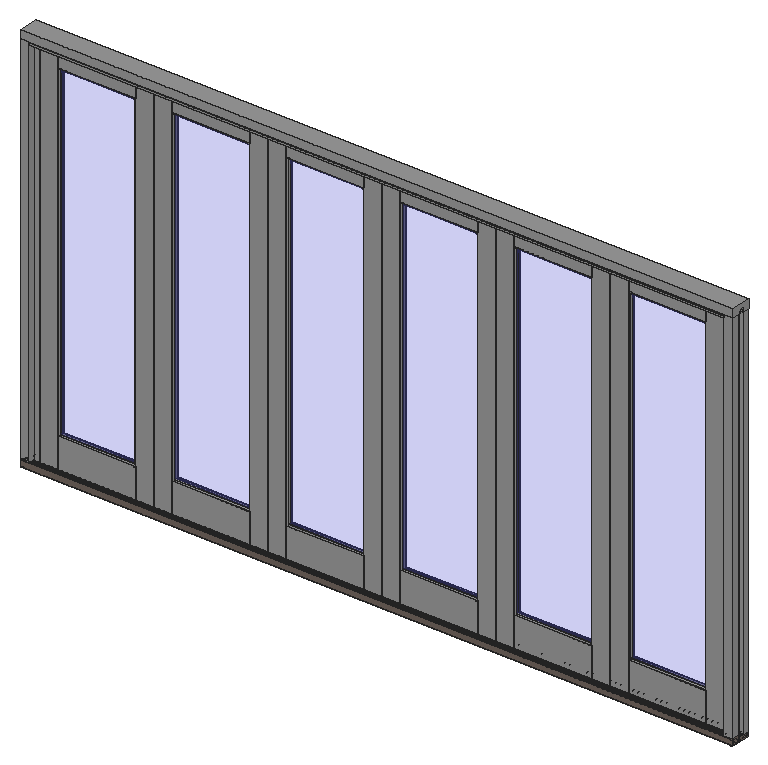
Revit family "VSFA 3820 G1", category Doors, host Wall, Revit 2015
Parameters (values of type "VSFA 3820 G1")
  Function = Interior
  Frame Projection Ext. = 25 mm
  Frame Projection Int. = 25 mm
  Frame Width = 75 mm
  Height = 2100 mm
  Wall Closure = By host
  Width = 3820 mm
Reference planes
  plane 1: y = 0
  plane 2 "Center (Left/Right)": x = 0
  plane 3 "Left": x = -1910
  plane 4 "Right": x = 1910
  plane 5: z = 2100
  plane 6 "Exterior": y = 75
  plane 7 "Interior": y = -75
  plane 8: x = 1835
  plane 9: x = 1225
  plane 10: x = 1222.5
  plane 11: x = 612.5
  plane 12: x = 610
  plane 13: x = -1835
  plane 14: x = -1225
  plane 15: x = -1222.5
  plane 16: x = -612.5
  plane 17: x = -610
Forms (mm)
  Extrusion 1, solid, material "Aluminium Cill (Bronze)"
    sketch origin (0, 79.18, -119.746) x (0, 1, 0) y (0, 0, -1)
      loop
        arc (-26.68, -120.746) -> (-26.972, -120.039) -> (-27.68, -119.746) r 1
        line (-27.68, -119.746) -> (-130.68, -119.746)
        arc (-130.68, -119.746) -> (-131.387, -120.039) -> (-131.68, -120.746) r 1
        line (-131.68, -120.746) -> (-131.68, -150.746)
        arc (-131.68, -150.746) -> (-131.387, -151.453) -> (-130.68, -151.746) r 1
        line (-130.68, -151.746) -> (-120.912, -151.746)
        arc (-120.912, -151.746) -> (-119.18, -150.746) -> (-117.447, -151.746) r 2
        line (-117.447, -151.746) -> (-112.912, -151.746)
        arc (-112.912, -151.746) -> (-111.18, -150.746) -> (-109.447, -151.746) r 2
        line (-109.447, -151.746) -> (-99.68, -151.746)
        arc (-99.68, -151.746) -> (-98.972, -151.453) -> (-98.68, -150.746) r 1
        line (-98.68, -150.746) -> (-98.68, -149.246)
        arc (-98.68, -149.246) -> (-99.18, -148.746) -> (-99.68, -149.246) r 0.5
        line (-99.68, -149.246) -> (-99.68, -150.246) -> (-100.88, -150.246) -> (-100.88, -142.734) -> (-99.68, -142.734) -> (-99.68, -143.746)
        arc (-99.68, -143.746) -> (-99.18, -144.246) -> (-98.68, -143.746) r 0.5
        line (-98.68, -143.746) -> (-98.68, -138.746) -> (-90.432, -138.746) -> (-82.18, -138.746) -> (-82.18, -135.246)
        arc (-82.18, -135.246) -> (-81.74, -134.185) -> (-80.68, -133.746) r 1.5
        line (-80.68, -133.746) -> (-75.93, -133.746) -> (-75.93, -135.746) -> (-77.363, -135.746)
        arc (-77.363, -135.746) -> (-74.68, -138.746) -> (-71.996, -135.746) r 2.7
        line (-71.996, -135.746) -> (-73.43, -135.746) -> (-73.43, -133.746) -> (-68.68, -133.746)
        arc (-68.68, -133.746) -> (-67.619, -134.185) -> (-67.18, -135.246) r 1.5
        line (-67.18, -135.246) -> (-67.18, -138.746) -> (-60.412, -138.746)
        arc (-60.412, -138.746) -> (-58.68, -137.746) -> (-56.947, -138.746) r 2
        line (-56.947, -138.746) -> (-52.412, -138.746)
        arc (-52.412, -138.746) -> (-50.68, -137.746) -> (-48.947, -138.746) r 2
        line (-48.947, -138.746) -> (-44.412, -138.746)
        arc (-44.412, -138.746) -> (-42.68, -137.746) -> (-40.947, -138.746) r 2
        line (-40.947, -138.746) -> (-29.68, -138.746)
        arc (-29.68, -138.746) -> (-27.558, -137.867) -> (-26.68, -135.746) r 3
        line (-26.68, -135.746) -> (-26.68, -120.746)
      loop
        arc (-29.68, -137.246) -> (-28.619, -136.807) -> (-28.18, -135.746) r 1.5
        line (-28.18, -135.746) -> (-28.18, -121.246) -> (-73.93, -121.246) -> (-73.93, -132.246) -> (-68.68, -132.246)
        arc (-68.68, -132.246) -> (-66.558, -133.125) -> (-65.68, -135.246) r 3
        line (-65.68, -135.246) -> (-65.68, -137.246) -> (-61.129, -137.246)
        arc (-61.129, -137.246) -> (-58.68, -136.246) -> (-56.23, -137.246) r 3.5
        line (-56.23, -137.246) -> (-53.129, -137.246)
        arc (-53.129, -137.246) -> (-50.68, -136.246) -> (-48.23, -137.246) r 3.5
        line (-48.23, -137.246) -> (-45.129, -137.246)
        arc (-45.129, -137.246) -> (-42.68, -136.246) -> (-40.23, -137.246) r 3.5
        line (-40.23, -137.246) -> (-29.68, -137.246)
      loop
        line (-75.43, -132.246) -> (-75.43, -121.246) -> (-98.68, -121.246) -> (-98.68, -137.246) -> (-83.68, -137.246) -> (-83.68, -135.246)
        arc (-83.68, -135.246) -> (-82.801, -133.125) -> (-80.68, -132.246) r 3
        line (-80.68, -132.246) -> (-75.43, -132.246)
      loop
        line (-100.18, -121.246) -> (-130.18, -121.246) -> (-130.18, -150.246) -> (-121.629, -150.246)
        arc (-121.629, -150.246) -> (-119.18, -149.246) -> (-116.73, -150.246) r 3.5
        line (-116.73, -150.246) -> (-113.629, -150.246)
        arc (-113.629, -150.246) -> (-111.18, -149.246) -> (-108.73, -150.246) r 3.5
        line (-108.73, -150.246) -> (-102.38, -150.246) -> (-102.38, -141.246) -> (-100.18, -141.246) -> (-100.18, -121.246)
    from -1910 to 1910
  Extrusion 2, solid, material "Lauan, Meranti"
    sketch origin (-122.148, 0, 0) x (0, 1, 0) y (0, 0, 1)
      loop
        line (52.5, 2100) -> (-52.5, 2100) -> (-52.5, 2055) -> (-6.5, 2055) -> (-6.5, 2075) -> (15.5, 2075) -> (15.5, 2055) -> (52.5, 2055) -> (52.5, 2100)
    from -1787.852 to 2032.148
  Extrusion 3, solid, material "Lauan, Meranti"
    sketch origin (2.986, 0, 0) x (0, 1, 0) y (0, 0, 1)
      loop
        line (-52.5, 2052) -> (-52.5, 2042) -> (-20.5, 2042) -> (-20.5, 2045.5) -> (-27.5, 2045.5) -> (-27.5, 2048.5) -> (-20.5, 2048.5) -> (-20.5, 2055) -> (-49.5, 2055) -> (-49.5, 2052) -> (-52.5, 2052)
    from -1867.986 to 1862.014
  Extrusion 4, solid, material "Lauan, Meranti"
    sketch origin (615, 0, 0) x (1, 0, 0) y (0, 1, 0)
      loop
        line (1295, -52.5) -> (1295, -16.5) -> (1250, -16.5) -> (1250, -52.5) -> (1295, -52.5)
      loop
        line (1295, 52.5) -> (1250, 52.5) -> (1250, 25.5) -> (1295, 25.5) -> (1295, 52.5)
      loop
        line (1220, 24.5) -> (1220, -15.5) -> (1265, -15.5) -> (1265, -5.5) -> (1240, -5.5) -> (1240, 14.5) -> (1265, 14.5) -> (1265, 24.5) -> (1220, 24.5)
      loop
        line (-2525, -52.5) -> (-2480, -52.5) -> (-2480, -16.5) -> (-2525, -16.5) -> (-2525, -52.5)
      loop
        line (-2525, 52.5) -> (-2525, 25.5) -> (-2480, 25.5) -> (-2480, 52.5) -> (-2525, 52.5)
      loop
        line (-2450, 24.5) -> (-2495, 24.5) -> (-2495, 14.5) -> (-2470, 14.5) -> (-2470, -5.5) -> (-2495, -5.5) -> (-2495, -15.5) -> (-2450, -15.5) -> (-2450, 24.5)
    from 32 to 2055
  Extrusion 5, solid, material "Steel, Chrome Plated"
    sketch origin (129.456, -1.5, 0) x (0, 1, 0) y (0, 0, -1)
      loop
        line (16.5, -2075) -> (16.5, -2055) -> (14.3, -2055) -> (14.3, -2072.8) -> (-2.3, -2072.8) -> (-2.3, -2055) -> (-4.5, -2055) -> (-4.5, -2075) -> (16.5, -2075)
    from -1780.544 to 2039.456
  Extrusion 6, solid, material "Lauan, Meranti"
    sketch origin (615, 0, 0) x (1, 0, 0) y (0, 1, 0)
      loop
        line (1250, 52.5) -> (1250, 25.5) -> (1295, 25.5) -> (1295, 52.5) -> (1250, 52.5)
      loop
        line (1265, 24.5) -> (1220, 24.5) -> (1220, -15.5) -> (1265, -15.5) -> (1265, -5.5) -> (1240, -5.5) -> (1240, 14.5) -> (1265, 14.5) -> (1265, 24.5)
      loop
        line (-2480, 52.5) -> (-2525, 52.5) -> (-2525, 25.5) -> (-2480, 25.5) -> (-2480, 52.5)
      loop
        line (-2495, 24.5) -> (-2495, 14.5) -> (-2470, 14.5) -> (-2470, -5.5) -> (-2495, -5.5) -> (-2495, -15.5) -> (-2450, -15.5) -> (-2450, 24.5) -> (-2495, 24.5)
    from 19 to 32
  Extrusion 7, solid, material "Lauan, Meranti"
    sketch origin (2155, 0, 0) x (1, 0, 0) y (0, 1, 0)
      loop
        line (-930, -15.5) -> (-834, -15.5) -> (-834, -13.5)
        arc (-834, -13.5) -> (-829.265, -11.94) -> (-827, -7.5) r 6.549
        line (-827, -7.5) -> (-825, -7.5) -> (-825, -5.5) -> (-834, -5.5) -> (-834, 24.5) -> (-930, 24.5) -> (-930, -15.5)
      loop
        line (-320, -15.5) -> (-320, 24.5) -> (-416, 24.5) -> (-416, -5.5) -> (-425, -5.5) -> (-425, -7.5) -> (-423, -7.5)
        arc (-423, -7.5) -> (-420.735, -11.94) -> (-416, -13.5) r 6.549
        line (-416, -13.5) -> (-416, -15.5) -> (-320, -15.5)
    from 19 to 2055
  Extrusion 8, solid, material "Lauan, Meranti"
    sketch origin (1490.235, 0, 0) x (0, 1, 0) y (0, 0, 1)
      loop
        line (-15.5, 190) -> (-15.5, 19) -> (24.5, 19) -> (24.5, 190) -> (-5.5, 190) -> (-5.5, 199) -> (-7.5, 199) -> (-7.5, 197)
        arc (-7.5, 197) -> (-11.866, 194.67) -> (-13.5, 190) r 6.807
        line (-13.5, 190) -> (-15.5, 190)
      loop
        line (-7.5, 1952) -> (-7.5, 1950) -> (-5.5, 1950) -> (-5.5, 1959) -> (24.5, 1959) -> (24.5, 2055) -> (-15.5, 2055) -> (-15.5, 1959) -> (-13.5, 1959)
        arc (-13.5, 1959) -> (-11.866, 1954.33) -> (-7.5, 1952) r 6.807
    from -169.235 to 248.765
  Sweep 9, solid, material "Lauan, Meranti"
    path origin (1197.876, -75, -1252.272) x (1, 0, 0) y (0, 0, 1)
      loop
        line (123.124, 3211.272) -> (123.124, 1442.272) -> (541.124, 1442.272) -> (541.124, 3211.272) -> (123.124, 3211.272)
    profile origin (1530, -75, 1959) x (0, 0, 1) y (0, -1, 0)
      loop
        line (-9, -78) -> (-9, -80) -> (-7, -80)
        arc (-7, -80) -> (-4.67, -84.366) -> (0, -86) r 6.807
        line (0, -86) -> (0, -78) -> (-9, -78)
  Extrusion 10, solid, material "Glass"
    sketch origin (1466.808, -110.55, -763.769) x (1, 0, 0) y (0, 0, 1)
      loop
        line (-145.808, 2722.769) -> (-145.808, 953.769) -> (272.192, 953.769) -> (272.192, 2722.769) -> (-145.808, 2722.769)
    from -112.5 to -106.1
  Extrusion 11, solid, material "Lauan, Meranti"
    sketch origin (1542.5, 0, 0) x (1, 0, 0) y (0, 1, 0)
      loop
        line (-930, -15.5) -> (-834, -15.5) -> (-834, -13.5)
        arc (-834, -13.5) -> (-829.265, -11.94) -> (-827, -7.5) r 6.549
        line (-827, -7.5) -> (-825, -7.5) -> (-825, -5.5) -> (-834, -5.5) -> (-834, 24.5) -> (-930, 24.5) -> (-930, -15.5)
      loop
        line (-320, -15.5) -> (-320, 24.5) -> (-416, 24.5) -> (-416, -5.5) -> (-425, -5.5) -> (-425, -7.5) -> (-423, -7.5)
        arc (-423, -7.5) -> (-420.735, -11.94) -> (-416, -13.5) r 6.549
        line (-416, -13.5) -> (-416, -15.5) -> (-320, -15.5)
    from 19 to 2055
  Extrusion 12, solid, material "Lauan, Meranti"
    sketch origin (877.735, 0, 0) x (0, 1, 0) y (0, 0, 1)
      loop
        line (-15.5, 190) -> (-15.5, 19) -> (24.5, 19) -> (24.5, 190) -> (-5.5, 190) -> (-5.5, 199) -> (-7.5, 199) -> (-7.5, 197)
        arc (-7.5, 197) -> (-11.866, 194.67) -> (-13.5, 190) r 6.807
        line (-13.5, 190) -> (-15.5, 190)
      loop
        line (-7.5, 1952) -> (-7.5, 1950) -> (-5.5, 1950) -> (-5.5, 1959) -> (24.5, 1959) -> (24.5, 2055) -> (-15.5, 2055) -> (-15.5, 1959) -> (-13.5, 1959)
        arc (-13.5, 1959) -> (-11.866, 1954.33) -> (-7.5, 1952) r 6.807
    from -169.235 to 248.765
  Sweep 13, solid, material "Lauan, Meranti"
    path origin (585.376, -75, -1252.272) x (1, 0, 0) y (0, 0, 1)
      loop
        line (123.124, 3211.272) -> (123.124, 1442.272) -> (541.124, 1442.272) -> (541.124, 3211.272) -> (123.124, 3211.272)
    profile origin (917.5, -75, 1959) x (0, 0, 1) y (0, -1, 0)
      loop
        line (-9, -78) -> (-9, -80) -> (-7, -80)
        arc (-7, -80) -> (-4.67, -84.366) -> (0, -86) r 6.807
        line (0, -86) -> (0, -78) -> (-9, -78)
  Extrusion 14, solid, material "Glass"
    sketch origin (854.308, -110.55, -763.769) x (1, 0, 0) y (0, 0, 1)
      loop
        line (-145.808, 2722.769) -> (-145.808, 953.769) -> (272.192, 953.769) -> (272.192, 2722.769) -> (-145.808, 2722.769)
    from -112.5 to -106.1
  Extrusion 15, solid, material "Lauan, Meranti"
    sketch origin (930, 0, 0) x (1, 0, 0) y (0, 1, 0)
      loop
        line (-930, -15.5) -> (-834, -15.5) -> (-834, -13.5)
        arc (-834, -13.5) -> (-829.265, -11.94) -> (-827, -7.5) r 6.549
        line (-827, -7.5) -> (-825, -7.5) -> (-825, -5.5) -> (-834, -5.5) -> (-834, 24.5) -> (-930, 24.5) -> (-930, -15.5)
      loop
        line (-320, -15.5) -> (-320, 24.5) -> (-416, 24.5) -> (-416, -5.5) -> (-425, -5.5) -> (-425, -7.5) -> (-423, -7.5)
        arc (-423, -7.5) -> (-420.735, -11.94) -> (-416, -13.5) r 6.549
        line (-416, -13.5) -> (-416, -15.5) -> (-320, -15.5)
    from 19 to 2055
  Extrusion 16, solid, material "Lauan, Meranti"
    sketch origin (265.235, 0, 0) x (0, 1, 0) y (0, 0, 1)
      loop
        line (-15.5, 190) -> (-15.5, 19) -> (24.5, 19) -> (24.5, 190) -> (-5.5, 190) -> (-5.5, 199) -> (-7.5, 199) -> (-7.5, 197)
        arc (-7.5, 197) -> (-11.866, 194.67) -> (-13.5, 190) r 6.807
        line (-13.5, 190) -> (-15.5, 190)
      loop
        line (-7.5, 1952) -> (-7.5, 1950) -> (-5.5, 1950) -> (-5.5, 1959) -> (24.5, 1959) -> (24.5, 2055) -> (-15.5, 2055) -> (-15.5, 1959) -> (-13.5, 1959)
        arc (-13.5, 1959) -> (-11.866, 1954.33) -> (-7.5, 1952) r 6.807
    from -169.235 to 248.765
  Sweep 17, solid, material "Lauan, Meranti"
    path origin (-27.124, -75, -1252.272) x (1, 0, 0) y (0, 0, 1)
      loop
        line (123.124, 3211.272) -> (123.124, 1442.272) -> (541.124, 1442.272) -> (541.124, 3211.272) -> (123.124, 3211.272)
    profile origin (305, -75, 1959) x (0, 0, 1) y (0, -1, 0)
      loop
        line (-9, -78) -> (-9, -80) -> (-7, -80)
        arc (-7, -80) -> (-4.67, -84.366) -> (0, -86) r 6.807
        line (0, -86) -> (0, -78) -> (-9, -78)
  Extrusion 18, solid, material "Glass"
    sketch origin (241.808, -110.55, -763.769) x (1, 0, 0) y (0, 0, 1)
      loop
        line (-145.808, 2722.769) -> (-145.808, 953.769) -> (272.192, 953.769) -> (272.192, 2722.769) -> (-145.808, 2722.769)
    from -112.5 to -106.1
  Extrusion 19, solid, material "Lauan, Meranti"
    sketch origin (320, 0, 0) x (1, 0, 0) y (0, 1, 0)
      loop
        line (-930, -15.5) -> (-834, -15.5) -> (-834, -13.5)
        arc (-834, -13.5) -> (-829.265, -11.94) -> (-827, -7.5) r 6.549
        line (-827, -7.5) -> (-825, -7.5) -> (-825, -5.5) -> (-834, -5.5) -> (-834, 24.5) -> (-930, 24.5) -> (-930, -15.5)
      loop
        line (-320, -15.5) -> (-320, 24.5) -> (-416, 24.5) -> (-416, -5.5) -> (-425, -5.5) -> (-425, -7.5) -> (-423, -7.5)
        arc (-423, -7.5) -> (-420.735, -11.94) -> (-416, -13.5) r 6.549
        line (-416, -13.5) -> (-416, -15.5) -> (-320, -15.5)
    from 19 to 2055
  Extrusion 20, solid, material "Lauan, Meranti"
    sketch origin (-344.765, 0, 0) x (0, 1, 0) y (0, 0, 1)
      loop
        line (-15.5, 190) -> (-15.5, 19) -> (24.5, 19) -> (24.5, 190) -> (-5.5, 190) -> (-5.5, 199) -> (-7.5, 199) -> (-7.5, 197)
        arc (-7.5, 197) -> (-11.866, 194.67) -> (-13.5, 190) r 6.807
        line (-13.5, 190) -> (-15.5, 190)
      loop
        line (-7.5, 1952) -> (-7.5, 1950) -> (-5.5, 1950) -> (-5.5, 1959) -> (24.5, 1959) -> (24.5, 2055) -> (-15.5, 2055) -> (-15.5, 1959) -> (-13.5, 1959)
        arc (-13.5, 1959) -> (-11.866, 1954.33) -> (-7.5, 1952) r 6.807
    from -169.235 to 248.765
  Sweep 21, solid, material "Lauan, Meranti"
    path origin (-637.124, -75, -1252.272) x (1, 0, 0) y (0, 0, 1)
      loop
        line (123.124, 3211.272) -> (123.124, 1442.272) -> (541.124, 1442.272) -> (541.124, 3211.272) -> (123.124, 3211.272)
    profile origin (-305, -75, 1959) x (0, 0, 1) y (0, -1, 0)
      loop
        line (-9, -78) -> (-9, -80) -> (-7, -80)
        arc (-7, -80) -> (-4.67, -84.366) -> (0, -86) r 6.807
        line (0, -86) -> (0, -78) -> (-9, -78)
  Extrusion 22, solid, material "Glass"
    sketch origin (-368.192, -110.55, -763.769) x (1, 0, 0) y (0, 0, 1)
      loop
        line (-145.808, 2722.769) -> (-145.808, 953.769) -> (272.192, 953.769) -> (272.192, 2722.769) -> (-145.808, 2722.769)
    from -112.5 to -106.1
  Extrusion 23, solid, material "Lauan, Meranti"
    sketch origin (-292.5, 0, 0) x (1, 0, 0) y (0, 1, 0)
      loop
        line (-930, -15.5) -> (-834, -15.5) -> (-834, -13.5)
        arc (-834, -13.5) -> (-829.265, -11.94) -> (-827, -7.5) r 6.549
        line (-827, -7.5) -> (-825, -7.5) -> (-825, -5.5) -> (-834, -5.5) -> (-834, 24.5) -> (-930, 24.5) -> (-930, -15.5)
      loop
        line (-320, -15.5) -> (-320, 24.5) -> (-416, 24.5) -> (-416, -5.5) -> (-425, -5.5) -> (-425, -7.5) -> (-423, -7.5)
        arc (-423, -7.5) -> (-420.735, -11.94) -> (-416, -13.5) r 6.549
        line (-416, -13.5) -> (-416, -15.5) -> (-320, -15.5)
    from 19 to 2055
  Extrusion 24, solid, material "Lauan, Meranti"
    sketch origin (-957.265, 0, 0) x (0, 1, 0) y (0, 0, 1)
      loop
        line (-15.5, 190) -> (-15.5, 19) -> (24.5, 19) -> (24.5, 190) -> (-5.5, 190) -> (-5.5, 199) -> (-7.5, 199) -> (-7.5, 197)
        arc (-7.5, 197) -> (-11.866, 194.67) -> (-13.5, 190) r 6.807
        line (-13.5, 190) -> (-15.5, 190)
      loop
        line (-7.5, 1952) -> (-7.5, 1950) -> (-5.5, 1950) -> (-5.5, 1959) -> (24.5, 1959) -> (24.5, 2055) -> (-15.5, 2055) -> (-15.5, 1959) -> (-13.5, 1959)
        arc (-13.5, 1959) -> (-11.866, 1954.33) -> (-7.5, 1952) r 6.807
    from -169.235 to 248.765
  Sweep 25, solid, material "Lauan, Meranti"
    path origin (-1249.624, -75, -1252.272) x (1, 0, 0) y (0, 0, 1)
      loop
        line (123.124, 3211.272) -> (123.124, 1442.272) -> (541.124, 1442.272) -> (541.124, 3211.272) -> (123.124, 3211.272)
    profile origin (-917.5, -75, 1959) x (0, 0, 1) y (0, -1, 0)
      loop
        line (-9, -78) -> (-9, -80) -> (-7, -80)
        arc (-7, -80) -> (-4.67, -84.366) -> (0, -86) r 6.807
        line (0, -86) -> (0, -78) -> (-9, -78)
  Extrusion 26, solid, material "Glass"
    sketch origin (-980.692, -110.55, -763.769) x (1, 0, 0) y (0, 0, 1)
      loop
        line (-145.808, 2722.769) -> (-145.808, 953.769) -> (272.192, 953.769) -> (272.192, 2722.769) -> (-145.808, 2722.769)
    from -112.5 to -106.1
  Extrusion 27, solid, material "Lauan, Meranti"
    sketch origin (-905, 0, 0) x (1, 0, 0) y (0, 1, 0)
      loop
        line (-930, -15.5) -> (-834, -15.5) -> (-834, -13.5)
        arc (-834, -13.5) -> (-829.265, -11.94) -> (-827, -7.5) r 6.549
        line (-827, -7.5) -> (-825, -7.5) -> (-825, -5.5) -> (-834, -5.5) -> (-834, 24.5) -> (-930, 24.5) -> (-930, -15.5)
      loop
        line (-320, -15.5) -> (-320, 24.5) -> (-416, 24.5) -> (-416, -5.5) -> (-425, -5.5) -> (-425, -7.5) -> (-423, -7.5)
        arc (-423, -7.5) -> (-420.735, -11.94) -> (-416, -13.5) r 6.549
        line (-416, -13.5) -> (-416, -15.5) -> (-320, -15.5)
    from 19 to 2055
  Extrusion 28, solid, material "Lauan, Meranti"
    sketch origin (-1569.765, 0, 0) x (0, 1, 0) y (0, 0, 1)
      loop
        line (-15.5, 190) -> (-15.5, 19) -> (24.5, 19) -> (24.5, 190) -> (-5.5, 190) -> (-5.5, 199) -> (-7.5, 199) -> (-7.5, 197)
        arc (-7.5, 197) -> (-11.866, 194.67) -> (-13.5, 190) r 6.807
        line (-13.5, 190) -> (-15.5, 190)
      loop
        line (-7.5, 1952) -> (-7.5, 1950) -> (-5.5, 1950) -> (-5.5, 1959) -> (24.5, 1959) -> (24.5, 2055) -> (-15.5, 2055) -> (-15.5, 1959) -> (-13.5, 1959)
        arc (-13.5, 1959) -> (-11.866, 1954.33) -> (-7.5, 1952) r 6.807
    from -169.235 to 248.765
  Sweep 29, solid, material "Lauan, Meranti"
    path origin (-1862.124, -75, -1252.272) x (1, 0, 0) y (0, 0, 1)
      loop
        line (123.124, 3211.272) -> (123.124, 1442.272) -> (541.124, 1442.272) -> (541.124, 3211.272) -> (123.124, 3211.272)
    profile origin (-1530, -75, 1959) x (0, 0, 1) y (0, -1, 0)
      loop
        line (-9, -78) -> (-9, -80) -> (-7, -80)
        arc (-7, -80) -> (-4.67, -84.366) -> (0, -86) r 6.807
        line (0, -86) -> (0, -78) -> (-9, -78)
  Extrusion 30, solid, material "Glass"
    sketch origin (-1593.192, -110.55, -763.769) x (1, 0, 0) y (0, 0, 1)
      loop
        line (-145.808, 2722.769) -> (-145.808, 953.769) -> (272.192, 953.769) -> (272.192, 2722.769) -> (-145.808, 2722.769)
    from -112.5 to -106.1
  Extrusion 31, solid, material "Lauan, Meranti"
    sketch origin (4059.03, 0, -20) x (1, 0, 0) y (0, 1, 0)
      loop
        line (-4071.03, 34.5) -> (-4071.03, 32.5)
        arc (-4071.03, 32.5) -> (-4076.687, 30.157) -> (-4079.03, 24.5) r 8
        line (-4079.03, 24.5) -> (-4039.03, 24.5)
        arc (-4039.03, 24.5) -> (-4041.373, 30.157) -> (-4047.03, 32.5) r 8
        line (-4047.03, 32.5) -> (-4047.03, 34.5) -> (-4071.03, 34.5)
    from 39 to 2075
Cuts and joins
  joined: Extrusion 4, Extrusion 6
Lines and regions (mm)
  Opening 1
    outline origin (-5000, 75, 0) x (-1, 0, 0) y (0, 0, 1)
      loop
        line (-6910, 0) -> (-3090, 0) -> (-3090, 2100) -> (-6910, 2100) -> (-6910, 0)
  model lines
    curve 1: line (1835, 24.5, 0) -> (1530, 552.775, 0)
    curve 2: line (1530, 552.775, 0) -> (1495.359, 532.775, 0)
    curve 3: line (1495.359, 532.775, 0) -> (1800.359, 4.5, 0)
    curve 4: line (1155.718, 24.5, 0) -> (1460.718, 552.775, 0)
    curve 5: line (1460.718, 552.775, 0) -> (1495.359, 532.775, 0)
    curve 6: line (1495.359, 532.775, 0) -> (1190.359, 4.5, 0)
    curve 7: line (1155.718, 24.5, 0) -> (850.718, 552.775, 0)
    curve 8: line (850.718, 552.775, 0) -> (816.077, 532.775, 0)
    curve 9: line (816.077, 532.775, 0) -> (1121.077, 4.5, 0)
    curve 10: line (-1835, 24.5, 0) -> (-1530, 552.775, 0)
    curve 11: line (-1530, 552.775, 0) -> (-1495.359, 532.775, 0)
    curve 12: line (-1495.359, 532.775, 0) -> (-1800.359, 4.5, 0)
    curve 13: line (-1155.718, 24.5, 0) -> (-1460.718, 552.775, 0)
    curve 14: line (-1460.718, 552.775, 0) -> (-1495.359, 532.775, 0)
    curve 15: line (-1495.359, 532.775, 0) -> (-1190.359, 4.5, 0)
    curve 16: line (-1155.718, 24.5, 0) -> (-850.718, 552.775, 0)
    curve 17: line (-850.718, 552.775, 0) -> (-816.077, 532.775, 0)
    curve 18: line (-816.077, 532.775, 0) -> (-1121.077, 4.5, 0)
    curve 19: line (1385.802, 99.5, 1050) -> (1560.802, 99.5, 1050)
    curve 20: line (1699.879, 99.5, 1050) -> (1560.802, 99.5, 1106.191)
    curve 21: line (1560.802, 99.5, 1106.191) -> (1560.802, 99.5, 993.809)
    curve 22: line (1699.879, 99.5, 1050) -> (1560.802, 99.5, 993.809)
    curve 23: line (773.302, 99.5, 1050) -> (948.302, 99.5, 1050)
    curve 24: line (1087.379, 99.5, 1050) -> (948.302, 99.5, 1106.191)
    curve 25: line (948.302, 99.5, 1106.191) -> (948.302, 99.5, 993.809)
    curve 26: line (1087.379, 99.5, 1050) -> (948.302, 99.5, 993.809)
    curve 27: line (160.802, 99.5, 1050) -> (335.802, 99.5, 1050)
    curve 28: line (474.879, 99.5, 1050) -> (335.802, 99.5, 1106.191)
    curve 29: line (335.802, 99.5, 1106.191) -> (335.802, 99.5, 993.809)
    curve 30: line (474.879, 99.5, 1050) -> (335.802, 99.5, 993.809)
    curve 31: line (-160.802, 99.5, 1050) -> (-335.802, 99.5, 1050)
    curve 32: line (-474.879, 99.5, 1050) -> (-335.802, 99.5, 1106.191)
    curve 33: line (-335.802, 99.5, 1106.191) -> (-335.802, 99.5, 993.809)
    curve 34: line (-474.879, 99.5, 1050) -> (-335.802, 99.5, 993.809)
    curve 35: line (-773.302, 99.5, 1050) -> (-948.302, 99.5, 1050)
    curve 36: line (-1087.379, 99.5, 1050) -> (-948.302, 99.5, 1106.191)
    curve 37: line (-948.302, 99.5, 1106.191) -> (-948.302, 99.5, 993.809)
    curve 38: line (-1087.379, 99.5, 1050) -> (-948.302, 99.5, 993.809)
    curve 39: line (-1385.802, 99.5, 1050) -> (-1560.802, 99.5, 1050)
    curve 40: line (-1699.879, 99.5, 1050) -> (-1560.802, 99.5, 1106.191)
    curve 41: line (-1560.802, 99.5, 1106.191) -> (-1560.802, 99.5, 993.809)
    curve 42: line (-1699.879, 99.5, 1050) -> (-1560.802, 99.5, 993.809)
Text (mm)
  text "Exterior" at (-2295.016, 1099.543, 0), in view "Ref. Level"
  text "Exterior" at (0, 1615.38, 3698.081), in view "Left"
  text "Exterior" at (0, 1036.032, 3874.932), in view "Right"
Dimensions and locks
  equal spacing: plane 3 "Left", plane 2 "Center (Left/Right)", plane 4 "Right"
  "Width": plane 3 "Left" to plane 4 "Right"
  "Height": plane 5 to host wall
  host wall to plane 5 = 2100 mm  (x2)
  locked: plane 6 "Exterior" to host wall at 0
  locked: plane 7 "Interior" to host wall
  plane 3 "Left" to plane 4 "Right" = 3820 mm
  aligned and locked: host wall to plane 1
  aligned and locked: Opening 1 sketch curve to level
  aligned and locked: Extrusion 8 to Extrusion 7  (x2)
  aligned and locked: Extrusion 10 to Extrusion 8  (x2)
  aligned and locked: Extrusion 10 to Extrusion 7  (x2)
  aligned and locked: Sweep 9 sketch curve to Extrusion 8  (x2)
  aligned and locked: Extrusion 7 to Sweep 9 sketch curve  (x2)
  aligned and locked: Extrusion 12 to Extrusion 11  (x2)
  aligned and locked: Extrusion 14 to Extrusion 12  (x2)
  aligned and locked: Extrusion 14 to Extrusion 11  (x2)
  aligned and locked: Sweep 13 sketch curve to Extrusion 12  (x2)
  aligned and locked: Extrusion 11 to Sweep 13 sketch curve  (x2)
  aligned and locked: Extrusion 16 to Extrusion 15  (x2)
  aligned and locked: Extrusion 18 to Extrusion 16  (x2)
  aligned and locked: Extrusion 18 to Extrusion 15  (x2)
  aligned and locked: Sweep 17 sketch curve to Extrusion 16  (x2)
  aligned and locked: Extrusion 15 to Sweep 17 sketch curve  (x2)
  aligned and locked: Extrusion 20 to Extrusion 19  (x2)
  aligned and locked: Extrusion 22 to Extrusion 20  (x2)
  aligned and locked: Extrusion 22 to Extrusion 19  (x2)
  aligned and locked: Sweep 21 sketch curve to Extrusion 20  (x2)
  aligned and locked: Extrusion 19 to Sweep 21 sketch curve  (x2)
  aligned and locked: Extrusion 24 to Extrusion 23  (x2)
  aligned and locked: Extrusion 26 to Extrusion 24  (x2)
  aligned and locked: Extrusion 26 to Extrusion 23  (x2)
  aligned and locked: Sweep 25 sketch curve to Extrusion 24  (x2)
  aligned and locked: Extrusion 23 to Sweep 25 sketch curve  (x2)
  aligned and locked: Extrusion 28 to Extrusion 27  (x2)
  aligned and locked: Extrusion 30 to Extrusion 28  (x2)
  aligned and locked: Extrusion 30 to Extrusion 27  (x2)
  aligned and locked: Sweep 29 sketch curve to Extrusion 28  (x2)
  aligned and locked: Extrusion 27 to Sweep 29 sketch curve  (x2)
Automatic sketch dimensions
  plane 13 to curve 42 = 135.121 mm
  curve 40 to curve 41 = 139.078 mm
  plane 15 to curve 38 = 135.121 mm
  curve 36 to curve 37 = 139.078 mm
  plane 17 to curve 34 = 135.121 mm
  curve 32 to curve 33 = 139.078 mm
  plane 12 to curve 29 = 274.198 mm
  plane 12 to curve 28 = 135.121 mm
  plane 10 to curve 26 = 274.198 mm
  plane 10 to curve 26 = 135.121 mm
  plane 8 to curve 21 = 274.198 mm
  plane 8 to curve 20 = 135.121 mm
  level to curve 42 = 993.809 mm
  level to curve 33 = 993.809 mm
  curve 37 to curve 33 = 0 mm
  curve 30 to curve 33 = 0 mm
  level to curve 21 = 993.809 mm
  curve 26 to curve 21 = 0 mm
  curve 41 to curve 40 = 56.191 mm
  curve 25 to curve 26 = 56.191 mm
  curve 29 to curve 28 = 56.191 mm
  curve 21 to curve 22 = 56.191 mm
  curve 33 to curve 32 = 56.191 mm
  curve 37 to curve 38 = 56.191 mm
  curve 37 to curve 37 = 112.382 mm
  curve 33 to curve 33 = 112.382 mm
  curve 29 to curve 29 = 112.382 mm
  curve 25 to curve 25 = 112.382 mm
  curve 41 to curve 40 = 112.382 mm
  curve 21 to curve 21 = 112.382 mm
  curve 39 to plane 14 = 160.802 mm
  curve 35 to plane 16 = 160.802 mm
  curve 31 to plane 2 "Center (Left/Right)" = 160.802 mm
  plane 2 "Center (Left/Right)" to curve 27 = 160.802 mm
  curve 23 to plane 11 = 160.802 mm
  curve 19 to plane 9 = 160.802 mm
  curve 39 to curve 40 = 56.191 mm
  curve 23 to curve 24 = 56.191 mm
  curve 27 to curve 28 = 56.191 mm
  curve 31 to curve 32 = 56.191 mm
  curve 19 to curve 20 = 56.191 mm
  curve 35 to curve 36 = 56.191 mm
  plane 4 "Right" to Opening 1 sketch curve = 0 mm
  plane 3 "Left" to Opening 1 sketch curve = 0 mm
  Opening 1 sketch curve to plane 5 = 0 mm
  Extrusion 1 sketch curve to level = 0 mm
  level to Extrusion 1 sketch curve = 1 mm
  Extrusion 1 sketch curve to host wall = 22.5 mm
  Extrusion 1 sketch curve to Extrusion 1 sketch curve = 1 mm  (x7)
  Extrusion 1 sketch curve to Extrusion 1 sketch curve = 0.5 mm  (x8)
  Extrusion 1 sketch curve to Extrusion 1 sketch curve = 8.551 mm
  Extrusion 1 sketch curve to Extrusion 1 sketch curve = 0.717 mm  (x10)
  Extrusion 1 sketch curve to Extrusion 1 sketch curve = 1.732 mm  (x10)
  Extrusion 1 sketch curve to Extrusion 1 sketch curve = 0 mm  (x24)
  Extrusion 1 sketch curve to Extrusion 1 sketch curve = 3.101 mm  (x3)
  Extrusion 1 sketch curve to Extrusion 1 sketch curve = 6.351 mm
  Extrusion 1 sketch curve to Extrusion 1 sketch curve = 1.5 mm  (x15)
  Extrusion 1 sketch curve to Extrusion 1 sketch curve = 0.7 mm
  level to Extrusion 1 sketch curve = 1.5 mm  (x3)
  Extrusion 1 sketch curve to Extrusion 1 sketch curve = 1.2 mm  (x2)
  Extrusion 1 sketch curve to Extrusion 1 sketch curve = 8.248 mm
  host wall to Extrusion 1 sketch curve = 4.5 mm
  host wall to Extrusion 1 sketch curve = 1.5 mm  (x2)
  Extrusion 1 sketch curve to host wall = 1.817 mm
  Extrusion 1 sketch curve to Extrusion 1 sketch curve = 1.433 mm  (x3)
  Extrusion 1 sketch curve to host wall = 3.75 mm
  Extrusion 1 sketch curve to Extrusion 1 sketch curve = 1.25 mm  (x2)
  Extrusion 1 sketch curve to Extrusion 1 sketch curve = 3.317 mm
  Extrusion 1 sketch curve to Extrusion 1 sketch curve = 4.551 mm
  Extrusion 1 sketch curve to Extrusion 1 sketch curve = 10.551 mm
  Extrusion 1 sketch curve to Extrusion 1 sketch curve = 11 mm
  Extrusion 1 sketch curve to Extrusion 1 sketch curve = 14.5 mm
  Extrusion 1 sketch curve to Extrusion 1 sketch curve = 2 mm  (x5)
  Extrusion 1 sketch curve to Extrusion 1 sketch curve = 0.3 mm
  Extrusion 1 sketch curve to Extrusion 1 sketch curve = 2.5 mm
  Extrusion 1 sketch curve to Extrusion 1 sketch curve = 1.488 mm
  Extrusion 1 sketch curve to Extrusion 1 sketch curve = 1.012 mm
  Extrusion 1 sketch curve to Extrusion 1 sketch curve = 5.5 mm
  Extrusion 1 sketch curve to Extrusion 1 sketch curve = 9 mm
  curve 10 to plane 13 = 0 mm
  curve 1 to plane 8 = 0 mm
  plane 13 to curve 11 = 305 mm
  curve 10 to curve 12 = 34.641 mm
  curve 11 to curve 13 = 34.641 mm
  curve 16 to host wall = 24.5 mm
  plane 15 to curve 16 = 66.782 mm
  curve 17 to plane 16 = 238.218 mm
  curve 16 to curve 17 = 34.641 mm
  curve 9 to plane 11 = 203.577 mm
  curve 8 to curve 8 = 34.641 mm
  curve 7 to host wall = 24.5 mm
  plane 10 to curve 7 = 66.782 mm
  curve 5 to plane 9 = 235.718 mm
  curve 4 to curve 6 = 34.641 mm
  curve 2 to curve 2 = 34.641 mm
  host wall to curve 5 = 457.775 mm
  host wall to curve 18 = 457.775 mm
  host wall to curve 8 = 457.775 mm
  host wall to curve 15 = 457.775 mm
  curve 11 to curve 10 = 20 mm
  curve 2 to curve 2 = 20 mm
  curve 12 to host wall = 4.5 mm
  curve 15 to host wall = 4.5 mm
  curve 18 to host wall = 4.5 mm
  curve 9 to host wall = 4.5 mm
  curve 6 to host wall = 4.5 mm
  curve 3 to host wall = 4.5 mm
  plane 5 to Extrusion 2 sketch curve = 0 mm
  Extrusion 2 sketch curve to host wall = 22.5 mm  (x2)
  host wall to Extrusion 2 sketch curve = 6.5 mm
  Extrusion 2 sketch curve to host wall = 15.5 mm
  plane 5 to Extrusion 2 sketch curve = 25 mm
  Extrusion 2 sketch curve to Extrusion 2 sketch curve = 20 mm  (x2)
  Extrusion 3 sketch curve to host wall = 22.5 mm
  Extrusion 3 sketch curve to Extrusion 3 sketch curve = 3 mm  (x2)
  Extrusion 3 sketch curve to Extrusion 3 sketch curve = 22 mm
  Extrusion 3 sketch curve to Extrusion 3 sketch curve = 7 mm
  Extrusion 3 sketch curve to Extrusion 3 sketch curve = 0 mm
  plane 5 to Extrusion 3 sketch curve = 58 mm
  Extrusion 3 sketch curve to Extrusion 3 sketch curve = 3.5 mm
  Extrusion 3 sketch curve to Extrusion 3 sketch curve = 10 mm
  Extrusion 3 sketch curve to Extrusion 3 sketch curve = 6.5 mm
  Extrusion 4 sketch curve to plane 3 "Left" = 0 mm  (x2)
  Extrusion 4 sketch curve to plane 13 = 0 mm
  Extrusion 4 sketch curve to plane 8 = 0 mm
  Extrusion 4 sketch curve to plane 4 "Right" = 0 mm  (x2)
  Extrusion 4 sketch curve to plane 3 "Left" = 30 mm
  Extrusion 4 sketch curve to Extrusion 4 sketch curve = 0 mm
  Extrusion 4 sketch curve to plane 13 = 30 mm
  Extrusion 4 sketch curve to Extrusion 4 sketch curve = 15 mm  (x3)
  host wall to Extrusion 4 sketch curve = 5.5 mm  (x2)
  Extrusion 4 sketch curve to Extrusion 4 sketch curve = 10 mm  (x7)
  Extrusion 4 sketch curve to plane 8 = 20 mm
  host wall to Extrusion 4 sketch curve = 16.5 mm
  Extrusion 4 sketch curve to Extrusion 4 sketch curve = 11 mm  (x2)
  Extrusion 4 sketch curve to host wall = 22.5 mm  (x4)
  Extrusion 4 sketch curve to host wall = 14.5 mm  (x2)
  Extrusion 4 sketch curve to host wall = 25.5 mm
  host wall to Extrusion 5 sketch curve = 6 mm
  Extrusion 5 sketch curve to Extrusion 5 sketch curve = 2.2 mm  (x3)
  Extrusion 5 sketch curve to host wall = 12.8 mm
  plane 5 to Extrusion 5 sketch curve = 25 mm
  Extrusion 5 sketch curve to Extrusion 5 sketch curve = 17.8 mm  (x2)
  Extrusion 6 sketch curve to plane 3 "Left" = 0 mm
  Extrusion 6 sketch curve to plane 13 = 0 mm
  Extrusion 6 sketch curve to plane 8 = 0 mm
  Extrusion 6 sketch curve to plane 4 "Right" = 0 mm
  Extrusion 6 sketch curve to host wall = 14.5 mm  (x2)
  Extrusion 6 sketch curve to plane 3 "Left" = 30 mm
  Extrusion 6 sketch curve to Extrusion 6 sketch curve = 0 mm  (x2)
  Extrusion 6 sketch curve to plane 13 = 30 mm
  host wall to Extrusion 6 sketch curve = 5.5 mm  (x2)
  Extrusion 6 sketch curve to plane 13 = 20 mm
  Extrusion 6 sketch curve to plane 8 = 20 mm
  Extrusion 6 sketch curve to Extrusion 6 sketch curve = 10 mm  (x5)
  Extrusion 6 sketch curve to Extrusion 6 sketch curve = 15 mm
  Extrusion 6 sketch curve to host wall = 25.5 mm
  Extrusion 6 sketch curve to Extrusion 6 sketch curve = 11 mm
  Extrusion 6 sketch curve to host wall = 22.5 mm  (x2)
  Extrusion 7 sketch curve to plane 9 = 0 mm
  Extrusion 7 sketch curve to plane 8 = 0 mm
  host wall to Extrusion 7 sketch curve = 13.5 mm
  Extrusion 7 sketch curve to plane 9 = 96 mm
  Extrusion 7 sketch curve to Extrusion 7 sketch curve = 0 mm
  Extrusion 7 sketch curve to Extrusion 7 sketch curve = 0.473 mm  (x3)
  Extrusion 7 sketch curve to Extrusion 7 sketch curve = 6.527 mm  (x2)
  Extrusion 7 sketch curve to Extrusion 7 sketch curve = 2 mm  (x4)
  host wall to Extrusion 7 sketch curve = 5.5 mm
  plane 8 to Extrusion 7 sketch curve = 105 mm
  host wall to Extrusion 7 sketch curve = 15.5 mm  (x2)
  host wall to Extrusion 7 sketch curve = 7.5 mm
  Extrusion 7 sketch curve to Extrusion 7 sketch curve = 1.468 mm
  Extrusion 7 sketch curve to host wall = 24.5 mm  (x2)
  host wall to Extrusion 8 sketch curve = 15.5 mm  (x2)
  Extrusion 8 sketch curve to Extrusion 8 sketch curve = 2 mm  (x6)
  host wall to Extrusion 8 sketch curve = 7.5 mm  (x2)
  host wall to Extrusion 8 sketch curve = 6.697 mm  (x2)
  Extrusion 8 sketch curve to host wall = 24.5 mm  (x2)
  level to Extrusion 8 sketch curve = 19 mm
  Extrusion 8 sketch curve to Extrusion 8 sketch curve = 171 mm
  Extrusion 8 sketch curve to Extrusion 8 sketch curve = 0 mm
  Extrusion 8 sketch curve to Extrusion 8 sketch curve = 0.241 mm  (x2)
  plane 5 to Extrusion 8 sketch curve = 150 mm
  Extrusion 8 sketch curve to Extrusion 8 sketch curve = 6.759 mm
  plane 5 to Extrusion 8 sketch curve = 45 mm
  profile plane to Sweep 9 sketch curve = 0 mm
  profile plane to Sweep 9 sketch curve = 0.241 mm
  Sweep 9 sketch curve to Sweep 9 sketch curve = 6.759 mm
  Sweep 9 sketch curve to Sweep 9 sketch curve = 2 mm  (x2)
  Sweep 9 sketch curve to profile plane = 86 mm
  Sweep 9 sketch curve to Sweep 9 sketch curve = 6 mm
  Extrusion 10 sketch curve to plane 9 = 96 mm
  plane 8 to Extrusion 10 sketch curve = 96 mm
  level to Extrusion 10 sketch curve = 190 mm
  plane 5 to Extrusion 10 sketch curve = 141 mm
  Extrusion 11 sketch curve to plane 11 = 0 mm
  Extrusion 11 sketch curve to plane 10 = 0 mm
  host wall to Extrusion 11 sketch curve = 13.5 mm
  Extrusion 11 sketch curve to plane 11 = 96 mm
  Extrusion 11 sketch curve to Extrusion 11 sketch curve = 0 mm
  Extrusion 11 sketch curve to Extrusion 11 sketch curve = 0.473 mm  (x3)
  Extrusion 11 sketch curve to Extrusion 11 sketch curve = 6.527 mm  (x2)
  Extrusion 11 sketch curve to Extrusion 11 sketch curve = 2 mm  (x4)
  host wall to Extrusion 11 sketch curve = 5.5 mm
  plane 10 to Extrusion 11 sketch curve = 105 mm
  host wall to Extrusion 11 sketch curve = 15.5 mm  (x2)
  host wall to Extrusion 11 sketch curve = 7.5 mm
  Extrusion 11 sketch curve to Extrusion 11 sketch curve = 1.468 mm
  Extrusion 11 sketch curve to host wall = 24.5 mm  (x2)
  host wall to Extrusion 12 sketch curve = 15.5 mm  (x2)
  Extrusion 12 sketch curve to Extrusion 12 sketch curve = 2 mm  (x6)
  host wall to Extrusion 12 sketch curve = 7.5 mm  (x2)
  host wall to Extrusion 12 sketch curve = 6.697 mm  (x2)
  Extrusion 12 sketch curve to host wall = 24.5 mm  (x2)
  level to Extrusion 12 sketch curve = 19 mm
  Extrusion 12 sketch curve to Extrusion 12 sketch curve = 171 mm
  Extrusion 12 sketch curve to Extrusion 12 sketch curve = 0 mm
  Extrusion 12 sketch curve to Extrusion 12 sketch curve = 0.241 mm  (x2)
  plane 5 to Extrusion 12 sketch curve = 150 mm
  Extrusion 12 sketch curve to Extrusion 12 sketch curve = 6.759 mm
  plane 5 to Extrusion 12 sketch curve = 45 mm
  profile plane to Sweep 13 sketch curve = 0 mm
  profile plane to Sweep 13 sketch curve = 0.241 mm
  Sweep 13 sketch curve to Sweep 13 sketch curve = 6.759 mm
  Sweep 13 sketch curve to Sweep 13 sketch curve = 2 mm  (x2)
  Sweep 13 sketch curve to profile plane = 86 mm
  Sweep 13 sketch curve to Sweep 13 sketch curve = 6 mm
  Extrusion 14 sketch curve to plane 11 = 96 mm
  plane 10 to Extrusion 14 sketch curve = 96 mm
  level to Extrusion 14 sketch curve = 190 mm
  plane 5 to Extrusion 14 sketch curve = 141 mm
  Extrusion 15 sketch curve to plane 2 "Center (Left/Right)" = 0 mm
  Extrusion 15 sketch curve to plane 12 = 0 mm
  host wall to Extrusion 15 sketch curve = 13.5 mm
  plane 2 "Center (Left/Right)" to Extrusion 15 sketch curve = 96 mm
  Extrusion 15 sketch curve to Extrusion 15 sketch curve = 0 mm
  Extrusion 15 sketch curve to Extrusion 15 sketch curve = 0.473 mm  (x3)
  Extrusion 15 sketch curve to Extrusion 15 sketch curve = 6.527 mm  (x2)
  Extrusion 15 sketch curve to Extrusion 15 sketch curve = 2 mm  (x4)
  host wall to Extrusion 15 sketch curve = 5.5 mm
  plane 12 to Extrusion 15 sketch curve = 105 mm
  host wall to Extrusion 15 sketch curve = 15.5 mm  (x2)
  host wall to Extrusion 15 sketch curve = 7.5 mm
  Extrusion 15 sketch curve to Extrusion 15 sketch curve = 1.468 mm
  Extrusion 15 sketch curve to host wall = 24.5 mm  (x2)
  host wall to Extrusion 16 sketch curve = 15.5 mm  (x2)
  Extrusion 16 sketch curve to Extrusion 16 sketch curve = 2 mm  (x6)
  host wall to Extrusion 16 sketch curve = 7.5 mm  (x2)
  host wall to Extrusion 16 sketch curve = 6.697 mm  (x2)
  Extrusion 16 sketch curve to host wall = 24.5 mm  (x2)
  level to Extrusion 16 sketch curve = 19 mm
  Extrusion 16 sketch curve to Extrusion 16 sketch curve = 171 mm
  Extrusion 16 sketch curve to Extrusion 16 sketch curve = 0 mm
  Extrusion 16 sketch curve to Extrusion 16 sketch curve = 0.241 mm  (x2)
  plane 5 to Extrusion 16 sketch curve = 150 mm
  Extrusion 16 sketch curve to Extrusion 16 sketch curve = 6.759 mm
  plane 5 to Extrusion 16 sketch curve = 45 mm
  profile plane to Sweep 17 sketch curve = 0 mm
  profile plane to Sweep 17 sketch curve = 0.241 mm
  Sweep 17 sketch curve to Sweep 17 sketch curve = 6.759 mm
  Sweep 17 sketch curve to Sweep 17 sketch curve = 2 mm  (x2)
  Sweep 17 sketch curve to profile plane = 86 mm
  Sweep 17 sketch curve to Sweep 17 sketch curve = 6 mm
  plane 2 "Center (Left/Right)" to Extrusion 18 sketch curve = 96 mm
  plane 12 to Extrusion 18 sketch curve = 96 mm
  level to Extrusion 18 sketch curve = 190 mm
  plane 5 to Extrusion 18 sketch curve = 141 mm
  Extrusion 19 sketch curve to plane 17 = 0 mm
  Extrusion 19 sketch curve to plane 2 "Center (Left/Right)" = 0 mm
  host wall to Extrusion 19 sketch curve = 13.5 mm
  plane 17 to Extrusion 19 sketch curve = 96 mm
  Extrusion 19 sketch curve to Extrusion 19 sketch curve = 0 mm
  Extrusion 19 sketch curve to Extrusion 19 sketch curve = 0.473 mm  (x3)
  Extrusion 19 sketch curve to Extrusion 19 sketch curve = 6.527 mm  (x2)
  Extrusion 19 sketch curve to Extrusion 19 sketch curve = 2 mm  (x4)
  host wall to Extrusion 19 sketch curve = 5.5 mm
  Extrusion 19 sketch curve to plane 2 "Center (Left/Right)" = 105 mm
  host wall to Extrusion 19 sketch curve = 15.5 mm  (x2)
  host wall to Extrusion 19 sketch curve = 7.5 mm
  Extrusion 19 sketch curve to Extrusion 19 sketch curve = 1.468 mm
  Extrusion 19 sketch curve to host wall = 24.5 mm  (x2)
  host wall to Extrusion 20 sketch curve = 15.5 mm  (x2)
  Extrusion 20 sketch curve to Extrusion 20 sketch curve = 2 mm  (x6)
  host wall to Extrusion 20 sketch curve = 7.5 mm  (x2)
  host wall to Extrusion 20 sketch curve = 6.697 mm  (x2)
  Extrusion 20 sketch curve to host wall = 24.5 mm  (x2)
  level to Extrusion 20 sketch curve = 19 mm
  Extrusion 20 sketch curve to Extrusion 20 sketch curve = 171 mm
  Extrusion 20 sketch curve to Extrusion 20 sketch curve = 0 mm
  Extrusion 20 sketch curve to Extrusion 20 sketch curve = 0.241 mm  (x2)
  plane 5 to Extrusion 20 sketch curve = 150 mm
  Extrusion 20 sketch curve to Extrusion 20 sketch curve = 6.759 mm
  plane 5 to Extrusion 20 sketch curve = 45 mm
  profile plane to Sweep 21 sketch curve = 0 mm
  profile plane to Sweep 21 sketch curve = 0.241 mm
  Sweep 21 sketch curve to Sweep 21 sketch curve = 6.759 mm
  Sweep 21 sketch curve to Sweep 21 sketch curve = 2 mm  (x2)
  Sweep 21 sketch curve to profile plane = 86 mm
  Sweep 21 sketch curve to Sweep 21 sketch curve = 6 mm
  plane 17 to Extrusion 22 sketch curve = 96 mm
  Extrusion 22 sketch curve to plane 2 "Center (Left/Right)" = 96 mm
  level to Extrusion 22 sketch curve = 190 mm
  plane 5 to Extrusion 22 sketch curve = 141 mm
  Extrusion 23 sketch curve to plane 15 = 0 mm
  Extrusion 23 sketch curve to plane 16 = 0 mm
  host wall to Extrusion 23 sketch curve = 13.5 mm
  plane 15 to Extrusion 23 sketch curve = 96 mm
  Extrusion 23 sketch curve to Extrusion 23 sketch curve = 0 mm
  Extrusion 23 sketch curve to Extrusion 23 sketch curve = 0.473 mm  (x3)
  Extrusion 23 sketch curve to Extrusion 23 sketch curve = 6.527 mm  (x2)
  Extrusion 23 sketch curve to Extrusion 23 sketch curve = 2 mm  (x4)
  host wall to Extrusion 23 sketch curve = 5.5 mm
  Extrusion 23 sketch curve to plane 16 = 105 mm
  host wall to Extrusion 23 sketch curve = 15.5 mm  (x2)
  host wall to Extrusion 23 sketch curve = 7.5 mm
  Extrusion 23 sketch curve to Extrusion 23 sketch curve = 1.468 mm
  Extrusion 23 sketch curve to host wall = 24.5 mm  (x2)
  host wall to Extrusion 24 sketch curve = 15.5 mm  (x2)
  Extrusion 24 sketch curve to Extrusion 24 sketch curve = 2 mm  (x6)
  host wall to Extrusion 24 sketch curve = 7.5 mm  (x2)
  host wall to Extrusion 24 sketch curve = 6.697 mm  (x2)
  Extrusion 24 sketch curve to host wall = 24.5 mm  (x2)
  level to Extrusion 24 sketch curve = 19 mm
  Extrusion 24 sketch curve to Extrusion 24 sketch curve = 171 mm
  Extrusion 24 sketch curve to Extrusion 24 sketch curve = 0 mm
  Extrusion 24 sketch curve to Extrusion 24 sketch curve = 0.241 mm  (x2)
  plane 5 to Extrusion 24 sketch curve = 150 mm
  Extrusion 24 sketch curve to Extrusion 24 sketch curve = 6.759 mm
  plane 5 to Extrusion 24 sketch curve = 45 mm
  profile plane to Sweep 25 sketch curve = 0 mm
  profile plane to Sweep 25 sketch curve = 0.241 mm
  Sweep 25 sketch curve to Sweep 25 sketch curve = 6.759 mm
  Sweep 25 sketch curve to Sweep 25 sketch curve = 2 mm  (x2)
  Sweep 25 sketch curve to profile plane = 86 mm
  Sweep 25 sketch curve to Sweep 25 sketch curve = 6 mm
  plane 15 to Extrusion 26 sketch curve = 96 mm
  Extrusion 26 sketch curve to plane 16 = 96 mm
  level to Extrusion 26 sketch curve = 190 mm
  plane 5 to Extrusion 26 sketch curve = 141 mm
  Extrusion 27 sketch curve to plane 13 = 0 mm
  Extrusion 27 sketch curve to plane 14 = 0 mm
  host wall to Extrusion 27 sketch curve = 13.5 mm
  plane 13 to Extrusion 27 sketch curve = 96 mm
  Extrusion 27 sketch curve to Extrusion 27 sketch curve = 0 mm
  Extrusion 27 sketch curve to Extrusion 27 sketch curve = 0.473 mm  (x3)
  Extrusion 27 sketch curve to Extrusion 27 sketch curve = 6.527 mm  (x2)
  Extrusion 27 sketch curve to Extrusion 27 sketch curve = 2 mm  (x4)
  host wall to Extrusion 27 sketch curve = 5.5 mm
  Extrusion 27 sketch curve to plane 14 = 105 mm
  host wall to Extrusion 27 sketch curve = 15.5 mm  (x2)
  host wall to Extrusion 27 sketch curve = 7.5 mm
  Extrusion 27 sketch curve to Extrusion 27 sketch curve = 1.468 mm
  Extrusion 27 sketch curve to host wall = 24.5 mm  (x2)
  host wall to Extrusion 28 sketch curve = 15.5 mm  (x2)
  Extrusion 28 sketch curve to Extrusion 28 sketch curve = 2 mm  (x6)
  host wall to Extrusion 28 sketch curve = 7.5 mm  (x2)
  host wall to Extrusion 28 sketch curve = 6.697 mm  (x2)
  Extrusion 28 sketch curve to host wall = 24.5 mm  (x2)
  level to Extrusion 28 sketch curve = 19 mm
  Extrusion 28 sketch curve to Extrusion 28 sketch curve = 171 mm
  Extrusion 28 sketch curve to Extrusion 28 sketch curve = 0 mm
  Extrusion 28 sketch curve to Extrusion 28 sketch curve = 0.241 mm  (x2)
  plane 5 to Extrusion 28 sketch curve = 150 mm
  Extrusion 28 sketch curve to Extrusion 28 sketch curve = 6.759 mm
  plane 5 to Extrusion 28 sketch curve = 45 mm
  profile plane to Sweep 29 sketch curve = 0 mm
  profile plane to Sweep 29 sketch curve = 0.241 mm
  Sweep 29 sketch curve to Sweep 29 sketch curve = 6.759 mm
  Sweep 29 sketch curve to Sweep 29 sketch curve = 2 mm  (x2)
  Sweep 29 sketch curve to profile plane = 86 mm
  Sweep 29 sketch curve to Sweep 29 sketch curve = 6 mm
  plane 13 to Extrusion 30 sketch curve = 96 mm
  Extrusion 30 sketch curve to plane 14 = 96 mm
  level to Extrusion 30 sketch curve = 190 mm
  plane 5 to Extrusion 30 sketch curve = 141 mm
  Extrusion 31 sketch curve to plane 2 "Center (Left/Right)" = 20 mm
  Extrusion 31 sketch curve to plane 2 "Center (Left/Right)" = 12 mm
  plane 2 "Center (Left/Right)" to Extrusion 31 sketch curve = 12 mm
  Extrusion 31 sketch curve to Extrusion 31 sketch curve = 8 mm
  Extrusion 31 sketch curve to host wall = 24.5 mm
  Extrusion 31 sketch curve to Extrusion 31 sketch curve = 2 mm
